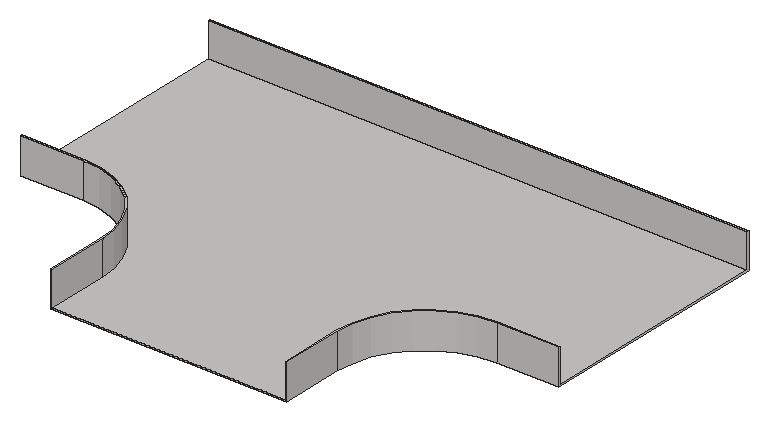
Revit family "Cable_Tray_Fitting-Modular_Channel_Tray-OBO_Bettermann-Channel_Horizontal_Tee_400-600-AZ", category Cable Tray Fittings, Revit 2012
Parameters (values of type "Hot Dipped Galvanised")
  URL = "http://www.obo-bettermann.com/"
  Tray Width Overall [instance] = Tray Width 3 + 510 mm  # 910 mm
  Tray Width 3 [instance] = 400 mm
  Tray Width 1 [instance] = 400 mm
  Tray Height [instance] = 60 mm
  built-in parameter 1140111 [instance] = 2.58 mm
  Radius Label 1 = Radius Label + 2.6 mm  # 152.6 mm
  Radius Label = 150 mm
  Product Page URL = "http://catalog1.obo-bettermann.com/catalogue/catalogue.do?favOid=kts_433413&act=showIO&lang=de&action=start&catId=KTS&forward=showSolutionView"
  Product Documentation Link = ""
  Pre Galvanized = no
  Model = "AZ"
  Manufacturer = "OBO Bettermann"
  Description = "Modular AZ Channel Tray"
  Connector Description 3 = "Connector for Cable Tray 3"  # constant formula
  Connector Description 2 = "Connector for Cable Tray 2"  # constant formula
  Connector Description = "Connector for Cable Tray 1"  # constant formula
  Classification = "Refer to online catalog for UL and cUL classifed sizes and wire sizes."
  Cable Tray Material = Metal - OBO Bettermann - Hot-Dipped-Galvanised
  Assembly Code = "D5030600"
Types (2, lengths in mm): name | Tray Width Overall | Tray Width 3 | Tray Width 1 | Cable Tray Material
  Hot Dipped Galvanised | 910 | 400 | 400 | Metal - OBO Bettermann - Hot-Dipped-Galvanised
  Strip Galvanised | 610 | 100 | 100 | Metal - OBO Bettermann - Strip-Galvanised
Reference planes
  plane 1 "Center (Front/Back)": y = 0
  plane 2: z = 0
  plane 3 "Center (Left/Right)": x = 0
  plane 4: y = 200
  plane 5: y = -200
  plane 6: z = 30
  plane 7: z = -30
  plane 8: x = -200
  plane 9: x = 200
  plane 10: y = -197.42
  plane 11: y = 197.42
  plane 12: y = -455
  plane 13: x = -197.42
  plane 14: x = 197.42
  plane 15: z = -27.42
  plane 16: x = -455
  plane 17: x = 455
Forms (mm)
  Extrusion 1, solid, material "Metal - OBO Bettermann - Hot-Dipped-Galvanised" <- "Cable Tray Material", detail levels fine
    sketch origin (0, 0, 0) x (1, 0, 0) y (0, 1, 0)
      loop
        line (-455, -197.42) -> (-455, -200) -> (-350, -200)
        arc (-350, -200) -> (-243.934, -243.934) -> (-200, -350) r 150
        line (-200, -350) -> (-200, -455) -> (-197.42, -455) -> (-197.42, -347.51)
        arc (-197.42, -347.51) -> (-242.096, -242.096) -> (-347.51, -197.42) r 152.6
        line (-347.51, -197.42) -> (-455, -197.42)
      loop
        line (350, -200) -> (455, -200) -> (455, -197.42) -> (347.51, -197.42)
        arc (347.51, -197.42) -> (242.096, -242.096) -> (197.42, -347.51) r 152.6
        line (197.42, -347.51) -> (197.42, -455) -> (200, -455) -> (200, -350)
        arc (200, -350) -> (243.934, -243.934) -> (350, -200) r 150
      loop
        line (-455, 200) -> (-455, 197.42) -> (455, 197.42) -> (455, 200) -> (-455, 200)
    from -30 to 30
  Extrusion 2, solid, material "Metal - OBO Bettermann - Hot-Dipped-Galvanised" <- "Cable Tray Material", detail levels fine
    sketch origin (0, 0, 0) x (1, 0, 0) y (0, 1, 0)
      loop
        line (-455, -200) -> (-350, -200)
        arc (-350, -200) -> (-243.934, -243.934) -> (-200, -350) r 150
        line (-200, -350) -> (-200, -455) -> (200, -455) -> (200, -350)
        arc (200, -350) -> (243.934, -243.934) -> (350, -200) r 150
        line (350, -200) -> (455, -200) -> (455, 200) -> (-455, 200) -> (-455, -200)
    from -30 to -27.42
  Extrusion 3, solid, material "Metal - OBO Bettermann - Hot-Dipped-Galvanised" <- "Cable Tray Material", detail levels medium
    sketch origin (0, 0, 0) x (1, 0, 0) y (0, 1, 0)
      loop
        line (-455, 200) -> (-455, -200) -> (-350, -200)
        arc (-350, -200) -> (-243.934, -243.934) -> (-200, -350) r 150
        line (-200, -350) -> (-200, -455) -> (200, -455) -> (200, -350)
        arc (200, -350) -> (243.934, -243.934) -> (350, -200) r 150
        line (350, -200) -> (455, -200) -> (455, 200) -> (-455, 200)
    from -30 to 30
Cuts and joins
  joined: Extrusion 1, Extrusion 2
Lines and regions (mm)
  model lines, style "Coarse View", detail levels coarse
    curve 1: line (-380, 0, 0) -> (350, 0, 0)
    curve 2: line (0, 0, 0) -> (0, -455, 0)
Dimensions and locks
  equal spacing: plane 4, plane 1 "Center (Front/Back)", plane 5
  "Tray Width 1": plane 4 to plane 5
  equal spacing: plane 6, plane 2, plane 7
  "Tray Height": plane 6 to plane 7
  equal spacing: plane 8, plane 3 "Center (Left/Right)", plane 9  (x2)
  "Tray Width 3": plane 8 to plane 9
  "built-in parameter 1140111": plane 10 to plane 5
  "built-in parameter 1140111": plane 4 to plane 11
  locked: plane 5 to plane 12 at 255
  "built-in parameter 1140111": plane 8 to plane 13
  "built-in parameter 1140111": plane 14 to plane 9
  "built-in parameter 1140111": plane 15 to plane 7
  locked: plane 16 to plane 8 at 255
  locked: plane 9 to plane 17 at 255
  equal spacing: plane 16, plane 3 "Center (Left/Right)", plane 17
  "Radius Label": radius of Extrusion 3 sketch curve  (x2)
  "Radius Label": radius of Extrusion 1 sketch curve  (x2)
  "Radius Label 1": radius of Extrusion 1 sketch curve  (x2)
  "Radius Label": radius of Extrusion 2 sketch curve  (x2)
  aligned and locked: Extrusion 1 sketch curve to plane 10
  aligned and locked: Extrusion 1 sketch curve to plane 5
  aligned and locked: Extrusion 1 sketch curve to plane 8
  aligned and locked: plane 12 to Extrusion 1 sketch curve  (x2)
  aligned and locked: Extrusion 1 sketch curve to plane 13
  aligned and locked: plane 13 to Extrusion 1 sketch curve
  aligned and locked: plane 8 to Extrusion 1 sketch curve
  aligned and locked: Extrusion 1 sketch curve to plane 12  (x2)
  aligned and locked: Extrusion 1 to plane 7
  aligned and locked: plane 6 to Extrusion 1
  aligned and locked: plane 5 to Extrusion 1 sketch curve
  aligned and locked: plane 10 to Extrusion 1 sketch curve
  aligned and locked: Extrusion 1 sketch curve to plane 14
  aligned and locked: Extrusion 1 sketch curve to plane 9
  aligned and locked: plane 9 to Extrusion 1 sketch curve
  aligned and locked: plane 14 to Extrusion 1 sketch curve
  aligned and locked: plane 11 to Extrusion 1 sketch curve
  aligned and locked: Extrusion 1 sketch curve to plane 4
  aligned and locked: Extrusion 2 sketch curve to plane 5
  aligned and locked: Extrusion 2 sketch curve to plane 4
  aligned and locked: plane 4 to Extrusion 2 sketch curve
  aligned and locked: plane 5 to Extrusion 2 sketch curve
  aligned and locked: plane 12 to Extrusion 2 sketch curve
  aligned and locked: plane 9 to Extrusion 2 sketch curve
  aligned and locked: plane 8 to Extrusion 2 sketch curve
  aligned and locked: Extrusion 2 sketch curve to plane 12
  aligned and locked: Extrusion 2 to plane 7
  aligned and locked: plane 15 to Extrusion 2
  aligned and locked: Extrusion 3 sketch curve to plane 5  (x2)
  aligned and locked: plane 4 to Extrusion 3 sketch curve  (x2)
  aligned and locked: plane 5 to Extrusion 3 sketch curve
  aligned and locked: plane 12 to Extrusion 3 sketch curve
  aligned and locked: Extrusion 3 sketch curve to plane 9
  aligned and locked: plane 9 to Extrusion 3 sketch curve
  aligned and locked: plane 8 to Extrusion 3 sketch curve
  aligned and locked: Extrusion 3 sketch curve to plane 12
  aligned and locked: Extrusion 3 to plane 7
  aligned and locked: plane 6 to Extrusion 3
  aligned and locked: plane 1 "Center (Front/Back)" to curve 1
  aligned and locked: plane 12 to curve 2
  aligned and locked: plane 1 "Center (Front/Back)" to curve 2
  aligned and locked: curve 2 to plane 3 "Center (Left/Right)"
  aligned and locked: plane 16 to Extrusion 3
  aligned and locked: plane 16 to cut or joined group of Extrusion 1, Extrusion 2
  aligned and locked: plane 17 to Extrusion 3
  aligned and locked: cut or joined group of Extrusion 1, Extrusion 2 to Extrusion 3
Automatic sketch dimensions
  Extrusion 1 sketch curve to Extrusion 1 sketch curve = 0 mm  (x4)
  Extrusion 1 sketch curve to Extrusion 1 sketch curve = 105 mm  (x2)
  Extrusion 1 sketch curve to plane 8 = 255 mm
  Extrusion 2 sketch curve to Extrusion 2 sketch curve = 105 mm  (x2)
  Extrusion 3 sketch curve to plane 8 = 255 mm
  plane 9 to Extrusion 1 sketch curve = 255 mm
  plane 9 to Extrusion 3 sketch curve = 255 mm
  curve 1 to plane 16 = 75 mm
  plane 17 to curve 1 = 105 mm
Connectors
  cabletrayconduit at (-455, 0, 0), driven by "Tray Height", driven by "Tray Width 1", driven by "Connector Description"
    settings: on Extrusion 3, index 1, connector width 400 mm, connector height 60 mm, connector radius 304.8 mm, connector angle 0.00°, system type 32, placement type 0, profile type 1, connector reference index 2, is primary connector yes, connector utility param no, connector description "Connector for Cable Tray 1"
  cabletrayconduit at (455, 0, 0), driven by "Tray Height", driven by "Tray Width 1", driven by "Connector Description 2"
    settings: on Extrusion 3, index 2, connector width 400 mm, connector height 60 mm, connector radius 304.8 mm, connector angle 0.00°, system type 32, placement type 0, profile type 1, connector reference index 1, is primary connector no, connector utility param no, connector description "Connector for Cable Tray 2"
  cabletrayconduit at (0, -455, 0), driven by "Tray Height", driven by "Tray Width 3", driven by "Connector Description 3"
    settings: on Extrusion 3, index 3, connector width 400 mm, connector height 60 mm, connector radius 304.8 mm, connector angle 0.00°, system type 32, placement type 0, profile type 1, connector reference index -1, is primary connector no, connector utility param no, connector description "Connector for Cable Tray 3"
